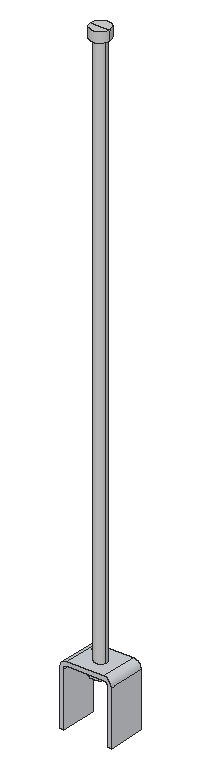
Revit family "Mount_RigidRail_Kattsafe_Suspended", category Specialty Equipment, Revit 2025
Family settings
  Round Connector Dimension = Use Diameter
  Part Type = Normal
  OmniClass Number = 23.27.71.21
  Work Plane-Based = No
  Enable Cutting in Views = No
  Always vertical = Yes
  Cut with Voids When Loaded = No
  Maintain Annotation Orientation = No
  Shared = No
  Room Calculation Point = No
Parameters (values of type "Type 1")
  Uniclass2015Version = "Products v1.23"
  Uniclass2015Title = "Brackets"
  Uniclass2015Code = "Pr_20_85_09"
  URL = "https://kattsafe.com.au/"
  UBracketAngle [instance] = 0.00°
  Type IFC Predefined Type = "USERDEFINED"
  Type Comments = "U Bracket Kit to suit Threaded Rod"
  SafetyDisclaimer [instance] = "WARNING! The correct placement of access, fall protection and facade maintenance systems is critical to ensure it is fit-for-purpose and safe for the operator to use. Did you know Kattsafe® have a dedicated team of Height Safety System Design Specialists? Kattsafe® provide one-on-one consultation and system design assistance to ensure you are meeting the stringent requirements of height safety and to give you PEACE OF MIND with your project."  # constant formula
  ModifiedIssue = 20240430
  Model = "OH272.16 + OH271"
  Material = Steel_Stainless_Kattsafe_Satin
  ManufacturerURLProductSpecific = "https://kattsafe.com.au/products/rigid-rails"
  ManufacturerSpecCode = Model  # "OH272.16 + OH271"
  ManufacturerOverallHeight [instance] = ActualSuspensionLength + 54 mm  # 854 mm
  ManufacturerHeightFromFFL [instance] = 2700 mm
  Manufacturer = "Kattsafe®"  # constant formula
  IfcExportType = "USERDEFINED"
  IfcExportAs = "IfcBuildingElementProxy"
  Export Type to IFC As = "IfcBuildingElementProxy"
  DesiredSuspensionLength [instance] = 800 mm
  Description = "Rigid rails provide significant spanning capabilities, making them very versatile where there are limited support structures. The high strength aluminium construction, along with the unique t-bolt assembly makes it a very simple and easily adaptable system to install."  # constant formula
  Default Elevation = 0 mm
  CreatedByURL = "https://igsgroup.com.au"
  CreatedBy = "IGS BIM Solutions"  # constant formula
  Assembly Code = "E1090100"
  ActualSuspensionLength [instance] = if(DesiredSuspensionLength < 50 mm, 50 mm, if(DesiredSuspensionLength > 3000 mm, 3000 mm, DesiredSuspensionLength))  # 800 mm
Reference planes
  plane 1 "Center (Front/Back)": y = 247.5
  plane 2 "Ref. Level": z = 0
  plane 3 "Centre (Left/Right)": x = 0
  plane 4 "Bottom": z = 1846
  plane 5 "ConcreteBracketBottom": z = 1930
  plane 6 "RailTop": z = 1900
  plane 7 "Top": z = 2700
  plane 8 "DesiredRailTop": z = 1900
Forms (mm)
  Revolve 1, solid, material "Steel_Stainless_Kattsafe_Satin" <- "Material"
    sketch origin (0, 247.5, 0) x (1, 0, 0) y (0, 0, 1)
      loop
        line (0, 2700) -> (-13, 2700) -> (-13, 2687) -> (-8, 2687) -> (-8, 1925) -> (-13, 1925) -> (-13, 1912.5) -> (0, 1912.5) -> (0, 2700)
      axis (0, 1912.5) -> (0, 2700)
    angle from 0 to 360
Lines and regions (mm)
  reference lines
    curve 1: line (0, 247.5, 0) -> (0, 267.5, 0)
    curve 2: line (0, 247.5, 0) -> (-10, 247.5, 0)
  symbolic lines, style "Fall Arrest Systems"
    curve 3: circle (0, 247.5, 2700) r 8 normal (0, 0, -1)
Text (mm)
  text "Disclaimer:\nDue to ongoing product development and manufacturing \nevolution, product details are subject to change without \nnotice. Please refer to product technical data sheets on \nthe manufacturers website for the most current product \ninformation. Please allow a +/- 5mm manufacturing \ntolerance for dimensions and set-outs shown in product \nliterature." at (103.437, 230.557, 0), in view "Ref. Level"
Dimensions and locks
  "ManufacturerHeightFromFFL": plane 7 "Top" to plane 2 "Ref. Level"
  "ActualSuspensionLength": plane 7 "Top" to plane 6 "RailTop"
  locked: plane 5 "ConcreteBracketBottom" to plane 6 "RailTop" at 30
  locked: plane 5 "ConcreteBracketBottom" to plane 4 "Bottom" at 84
  locked: plane 3 "Centre (Left/Right)" to Revolve 1 sketch curve at 8
  Revolve 1 sketch curve to Revolve 1 sketch curve = 13 mm
  locked: Revolve 1 sketch curve to plane 7 "Top" at 13
  "DesiredSuspensionLength": plane 7 "Top" to plane 8 "DesiredRailTop"
  locked: curve 1 to curve 1 at 20
  locked: curve 2 to curve 2 at 10
  "UBracketAngle": angle curve 1 to plane 3 "Centre (Left/Right)"
  "UBracketAngle": angle nested 1 to plane 3 "Centre (Left/Right)"
  locked: curve 1 to curve 2 (angle 90.00°)
  aligned and locked: level to plane 2 "Ref. Level"
  aligned and locked: Revolve 1 sketch curve to plane 3 "Centre (Left/Right)"  (x2)
  aligned and locked: Revolve 1 sketch curve to Revolve 1 sketch curve
  aligned and locked: Revolve 1 sketch curve to plane 7 "Top"
  aligned and locked: nested 1 to plane 5 "ConcreteBracketBottom"
  aligned and locked: nested 1 to curve 1
  aligned and locked: nested 1 to curve 2
  aligned and locked: plane 1 "Center (Front/Back)" to curve 2
  aligned and locked: plane 3 "Centre (Left/Right)" to curve 2
  aligned and locked: curve 3 to Revolve 1
Automatic sketch dimensions
  plane 6 "RailTop" to Revolve 1 sketch curve = 12.5 mm
  Revolve 1 sketch curve to Revolve 1 sketch curve = 44.523 mm
  level to Revolve 1 sketch curve = 537.477 mm
  plane 5 "ConcreteBracketBottom" to Revolve 1 sketch curve = 5 mm
Nested families
  nested 1: "z_Kattsafe_UBracket_Adjustable" at (0, 247.5, 1930), type "Type 1"
Definition of nested family "z_Kattsafe_UBracket_Adjustable"
  Parameters (values of type "Type 1")
    URL = "https://kattsafe.com.au/"
    Material = none
    Manufacturer = "Kattsafe®"
    Default Elevation = 0 mm
  Reference planes
    plane 1 "Center (Front/Back)": y = 0
    plane 2: z = 0
    plane 3 "Center (Left/Right)": x = 0
  Forms (mm)
    Extrusion 1, solid, material <- "Material"
      sketch origin (0, 0, -39) x (1, 0, 0) y (0, 0, 1)
        loop
          line (-35, -45) -> (-30, -45) -> (-30, 29)
          arc (-30, 29) -> (-28.536, 32.536) -> (-25, 34) r 5
          line (-25, 34) -> (25, 34)
          arc (25, 34) -> (28.536, 32.536) -> (30, 29) r 5
          line (30, 29) -> (30, -45) -> (35, -45) -> (35, 29)
          arc (35, 29) -> (32.071, 36.071) -> (25, 39) r 10
          line (25, 39) -> (-25, 39)
          arc (-25, 39) -> (-32.071, 36.071) -> (-35, 29) r 10
          line (-35, 29) -> (-35, -45)
      from 25 to -25
  Dimensions and locks
    Extrusion 1 sketch curve to Extrusion 1 sketch curve = 70 mm
    locked: Extrusion 1 sketch curve to Extrusion 1 sketch curve at 5  (x2)
    radius of Extrusion 1 sketch curve = 10 mm  (x2)
    radius of Extrusion 1 sketch curve = 5 mm  (x2)
    aligned and locked: level to plane 2
